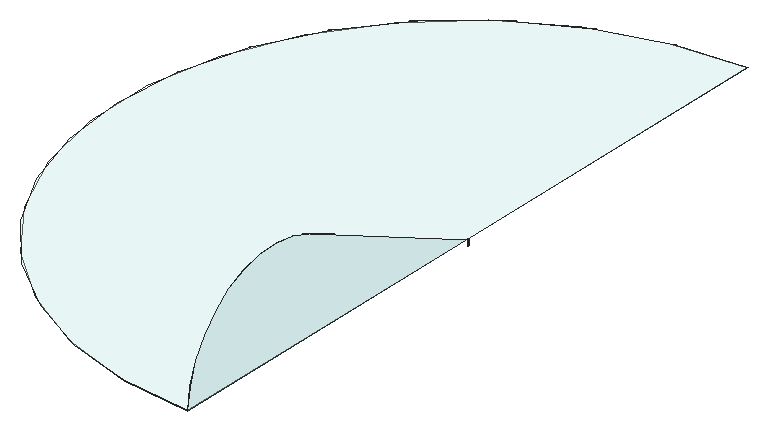
Revit family "Rotor Falvon 6504 Series - I6504FC", category Acessórios do tubo, Revit 2020
Family settings
  Cota do conector redondo = Utilizar diâmetro
  Tipo de parte = Normal
  Número OmniClass = 23.60.30.11.14
  Título OmniClass = Pipework Fittings
  Com base no plano de trabalho = Não
  Sempre na vertical = Sim
  Corte com vazios quando carregada = Não
  Compartilhado = Não
Parameters (values of type "Nozzle 18")
  Water = Water
  URL = "https://www.rainbird.com/"
  TABLE 90 = "TABLE 90psi"
  TABLE 80 = "TABLE 80psi"
  TABLE 70 = "TABLE 70psi"
  TABLE 60 = "TABLE 60psi"
  TABLE 50 = "TABLE 50psi"
  TABLE 40 = "TABLE 40psi"
  TABLE 30 = "TABLE 30psi"
  SupportProjetos: Reviw Date = ""  # constant formula
  SupportProjetos: Reviw = "R00"  # constant formula
  SupportProjetos: Level of Detail = "LOD 300"  # constant formula
  SupportProjetos: Developed = "MICHEL SOARES MOTA"  # constant formula
  SupportProjetos: Creation Date = "07/08/2020"  # constant formula
  Side inlet = no
  Rotation Water Visibility [instance] = Pop up on  # yes
  Rotation Angle [instance] = 180.00°
  RainBird: Product Link = "https://www.rainbird.com/"
  RainBird: Description = "FALCON I6504-FC Rotor "  # constant formula
  RainBird: Comment [instance] = ""
  RainBird: Code = "B65311"  # constant formula
  Radius [instance] = if(and(Pressure = 30.0 psi, Instance < 3 ft), size_lookup(TABLE 30, "Radius", 0 ft, Instance), if(and(Pressure = 40.0 psi, Instance < 9 ft), size_lookup(TABLE 40, "Radius", 0 ft, Instance), if(and(Pressure = 50.0 psi, Instance < 9 ft), size_lookup(TABLE 50, "Radius", 0 ft, Instance), if(and(Pressure = 60.0 psi, Instance < 9 ft), size_lookup(TABLE 60, "Radius", 0 ft, Instance), if(and(Pressure = 70.0 psi, Instance < 9 ft), size_lookup(TABLE 70, "Radius", 0 ft, Instance), if(and(Pressure = 80.0 psi, Instance < 9 ft), size_lookup(TABLE 80, "Radius", 0 ft, Instance), if(and(Pressure = 90.0 psi, Instance > 7 ft), size_lookup(TABLE 90, "Radius", 600 ft, Instance), 0 ft)))))))  # 63 ft
  RT = 0.009893 ft
  RN = 0.032808 ft
  R5 = 0.03937 ft
  R4 = 0.04101 ft
  R3 = 0.065617 ft
  R2 = 0.075407 ft
  R1 = 0.032808 ft
  Pressure [instance] = 60.0 psi
  Pop up height = 0.334646 ft
  Pop up on [instance] = yes
  Modelo = "I6504-FC"  # constant formula
  Instance = 8 ft
  H1 = Body height / 3  # 0.236333 ft
  Flow [instance] = if(and(Pressure = 30.0 psi, Instance < 3 ft), size_lookup(TABLE 30, "Flow", 0.0 GPM, Instance), if(and(Pressure = 40.0 psi, Instance < 9 ft), size_lookup(TABLE 40, "Flow", 0.0 GPM, Instance), if(and(Pressure = 50.0 psi, Instance < 9 ft), size_lookup(TABLE 50, "Flow", 0.0 GPM, Instance), if(and(Pressure = 60.0 psi, Instance < 9 ft), size_lookup(TABLE 60, "Flow", 0.0 GPM, Instance), if(and(Pressure = 70.0 psi, Instance < 9 ft), size_lookup(TABLE 70, "Flow", 0.0 GPM, Instance), if(and(Pressure = 80.0 psi, Instance < 9 ft), size_lookup(TABLE 80, "Flow", 0.0 GPM, Instance), if(and(Pressure = 90.0 psi, Instance > 7 ft), size_lookup(TABLE 90, "Flow", 0.0 GPM, Instance), 0.0 GPM)))))))  # 17.1 GPM
  Fabricante = "Rain Bird"
  Elevação padrão = 0 ft
  Description = RainBird: Description  # "FALCON I6504-FC Rotor "
  DD13 = 0.002625 ft
  DD12 = 0.003937 ft
  DD11 = 0.009897 ft
  DD10 = 0.016404 ft
  DD8 [instance] = if(Pop up on, Pop up height, 0 ft)  # 0.334646 ft
  DD7 = 0.019685 ft
  DD6 [instance] = 0.016404 ft
  DD5 = 0.065617 ft
  DD4 = 0.032808 ft
  DD3 = 0.091048 ft
  DD2 [instance] = 0.024514 ft
  DD9 [instance] = if(Pop up on, Pop up height + 0.049541 ft, 0 ft)  # 0.384186 ft
  DD1 = 0.006562 ft
  Conection = 0.062664 ft  # constant formula
  Body height = 0.709 ft  # constant formula
  Blue = Blue Plastic
  Black Plastic = Black Plastic
  Angle = 25.00°
Types (9, lengths in ft): name | Radius | Pressure | Instance | Flow
  (no name) | 63 | 60.0 psi | 8 | 17.1 GPM
  Nozzle 4 | 43 | 80.0 psi | 1 | 4.6 GPM
  Nozzle 6 | 49 | 80.0 psi | 2 | 4.9 GPM
  Nozzle 8 | 53 | 80.0 psi | 3 | 9.4 GPM
  Nozzle 10 | 55 | 80.0 psi | 4 | 11.6 GPM
  Nozzle 12 | 61 | 80.0 psi | 5 | 14.0 GPM
  Tipo 14 | 61 | 80.0 psi | 6 | 16.2 GPM
  Nozzle 16 | 63 | 80.0 psi | 7 | 18.1 GPM
  Nozzle 18 | 63 | 60.0 psi | 8 | 17.1 GPM
Reference planes (ft)
  plane 1 "Centro (Frente/Trás)": y = 0
  plane 2: z = 0
  plane 3 "Centro (Esquerda/Direita)": x = 0
  plane 4: z = 0.003937
  plane 5: z = 0.002625
  plane 6: y = -0.065617
Forms (ft)
  Revolve 1, solid, material "Black Plastic" <- "Black Plastic"
    sketch origin (0, 0, 0) x (1, 0, 0) y (0, 0, 1)
      loop
        line (0.075407, -0.091048) -> (0.075407, -0.035324)
        arc (0.075407, -0.035324) -> (0.072509, -0.028329) -> (0.065514, -0.025431) r 0.009893
        line (0.065514, -0.025431) -> (0.046098, -0.025431) -> (0.046098, 0) -> (0.03937, 0) -> (0.03937, -0.334646) -> (0.019685, -0.334646) -> (0.019685, -0.702438) -> (0.032808, -0.702438) -> (0.032808, -0.709) -> (0.04101, -0.709) -> (0.04101, -0.702438) -> (0.055724, -0.702438)
        arc (0.055724, -0.702438) -> (0.062719, -0.699541) -> (0.065617, -0.692545) r 0.009893
        line (0.065617, -0.692545) -> (0.065617, -0.091048) -> (0.075407, -0.091048)
      axis (0, -0.709) -> (0, 0)
    angle from 0 to 360
  Extrusion 2, solid, material "Black Plastic" <- "Black Plastic"
    sketch origin (0, 0, 0) x (1, 0, 0) y (0, 1, 0)
      loop
        circle (0, 0) r 0.032808
    from -0.334646 to 0.334646
  Extrusion 3, void
    sketch origin (0, 0, 0) x (1, 0, 0) y (0, 1, 0)
      loop
        circle (0, 0) r 0.022844
    from -0.334646 to 0.334646
  Revolve 4, solid, material "Black Plastic" <- "Black Plastic"
    sketch origin (0, 0, 0) x (1, 0, 0) y (0, 0, 1)
      loop
        line (0, 0.334646) -> (0.037004, 0.334646) -> (0.037004, 0.344543)
        arc (0.037004, 0.344543) -> (0.01879, 0.349436) -> (0, 0.35105) r 0.10685
        line (0, 0.35105) -> (0, 0.334646)
      axis (0, 0.334646) -> (0, 0.35105)
    angle from 0 to 360
  Extrusion 5, solid, material "Blue Plastic" <- "Blue"
    sketch origin (0, 0, 0) x (1, 0, 0) y (0, 0, 1)
      loop
        circle (0, 0.310131) r 0.009129
      loop
        circle (0, 0.310131) r 0.004793
    from 0 to 0.034386
  Extrusion 6, void
    sketch origin (0, 0, 0) x (1, 0, 0) y (0, 0, 1)
      loop
        line (-0.02074, 0.328055) -> (-0.02074, 0.282426) -> (0.020672, 0.282426) -> (0.020672, 0.328055) -> (-0.02074, 0.328055)
      loop
        line (-0.018439, 0.325179) -> (-0.018439, 0.285685) -> (0.018179, 0.285685) -> (0.018179, 0.325179) -> (-0.018439, 0.325179)
    from 0.024556 to 0.06931
  Extrusion 7, solid, material "Black Plastic" <- "Black Plastic"
    sketch origin (0, 0, 0) x (1, 0, 0) y (0, 0, 1)
      loop
        line (0.046098, 0) -> (0.046098, -0.036876) -> (0.073493, -0.036876) -> (0.046098, 0)
    from -0.002998 to 0.002998
  Extrusion 8, solid, material "Black Plastic" <- "Black Plastic"
    sketch origin (0, 0, 0) x (-1, 0, 0) y (0, 0, -1)
      loop
        line (0.046098, 0) -> (0.073493, 0.036876) -> (0.046098, 0.036876) -> (0.046098, 0)
    from -0.002998 to 0.002998
  Extrusion 9, solid, material "Black Plastic" <- "Black Plastic"
    sketch origin (0, 0, 0) x (0.866025, 0.5, 0) y (0, 0, 1)
      loop
        line (0.046098, 0) -> (0.046098, -0.036876) -> (0.073493, -0.036876) -> (0.046098, 0)
    from -0.002998 to 0.002998
  Extrusion 10, solid, material "Black Plastic" <- "Black Plastic"
    sketch origin (0, 0, 0) x (-0.866025, -0.5, 0) y (0, 0, -1)
      loop
        line (0.046098, 0) -> (0.073493, 0.036876) -> (0.046098, 0.036876) -> (0.046098, 0)
    from -0.002998 to 0.002998
  Extrusion 11, solid, material "Black Plastic" <- "Black Plastic"
    sketch origin (0, 0, 0) x (0, 1, 0) y (0, 0, 1)
      loop
        line (0.046098, 0) -> (0.046098, -0.036876) -> (0.073493, -0.036876) -> (0.046098, 0)
    from -0.002998 to 0.002998
  Extrusion 12, solid, material "Black Plastic" <- "Black Plastic"
    sketch origin (0, 0, 0) x (0, -1, 0) y (0, 0, -1)
      loop
        line (0.046098, 0) -> (0.073493, 0.036876) -> (0.046098, 0.036876) -> (0.046098, 0)
    from -0.002998 to 0.002998
  Extrusion 13, solid, material "Black Plastic" <- "Black Plastic"
    sketch origin (0, 0, 0) x (0.5, 0.866025, 0) y (0, 0, 1)
      loop
        line (0.046098, 0) -> (0.046098, -0.036876) -> (0.073493, -0.036876) -> (0.046098, 0)
    from -0.002998 to 0.002998
  Extrusion 14, solid, material "Black Plastic" <- "Black Plastic"
    sketch origin (0, 0, 0) x (-0.5, -0.866025, 0) y (0, 0, -1)
      loop
        line (0.046098, 0) -> (0.073493, 0.036876) -> (0.046098, 0.036876) -> (0.046098, 0)
    from -0.002998 to 0.002998
  Extrusion 15, solid, material "Black Plastic" <- "Black Plastic"
    sketch origin (0, 0, 0) x (-0.5, 0.866025, 0) y (0, 0, 1)
      loop
        line (0.046098, 0) -> (0.046098, -0.036876) -> (0.073493, -0.036876) -> (0.046098, 0)
    from -0.002998 to 0.002998
  Extrusion 16, solid, material "Black Plastic" <- "Black Plastic"
    sketch origin (0, 0, 0) x (0.5, -0.866025, 0) y (0, 0, -1)
      loop
        line (0.046098, 0) -> (0.073493, 0.036876) -> (0.046098, 0.036876) -> (0.046098, 0)
    from -0.002998 to 0.002998
  Extrusion 17, solid, material "Black Plastic" <- "Black Plastic"
    sketch origin (0, 0, 0) x (-0.866025, 0.5, 0) y (0, 0, 1)
      loop
        line (0.046098, 0) -> (0.046098, -0.036876) -> (0.073493, -0.036876) -> (0.046098, 0)
    from -0.002998 to 0.002998
  Extrusion 18, solid, material "Black Plastic" <- "Black Plastic"
    sketch origin (0, 0, 0) x (0.866025, -0.5, 0) y (0, 0, -1)
      loop
        line (0.046098, 0) -> (0.073493, 0.036876) -> (0.046098, 0.036876) -> (0.046098, 0)
    from -0.002998 to 0.002998
  Extrusion 19, void
    sketch origin (0, 0, 0) x (1, 0, 0) y (0, 1, 0)
      loop
        line (-0.002998, 0.077702) -> (-0.002998, 0.071655) -> (0.002998, 0.071655) -> (0.002998, 0.077702) -> (-0.002998, 0.077702)
    from -0.091048 to 0.82021
  Extrusion 20, void
    sketch origin (0, 0, 0) x (1, 0, 0) y (0, 1, 0)
      loop
        line (0.002998, -0.077702) -> (0.002998, -0.071655) -> (-0.002998, -0.071655) -> (-0.002998, -0.077702) -> (0.002998, -0.077702)
    from -0.091048 to 0.82021
  Extrusion 21, void
    sketch origin (0, 0, 0) x (0.965926, 0.258819, 0) y (-0.258819, 0.965926, 0)
      loop
        line (-0.002998, 0.077702) -> (-0.002998, 0.071655) -> (0.002998, 0.071655) -> (0.002998, 0.077702) -> (-0.002998, 0.077702)
    from -0.091048 to 0.82021
  Extrusion 22, void
    sketch origin (0, 0, 0) x (0.965926, 0.258819, 0) y (-0.258819, 0.965926, 0)
      loop
        line (0.002998, -0.077702) -> (0.002998, -0.071655) -> (-0.002998, -0.071655) -> (-0.002998, -0.077702) -> (0.002998, -0.077702)
    from -0.091048 to 0.82021
  Extrusion 23, void
    sketch origin (0, 0, 0) x (0.866025, 0.5, 0) y (-0.5, 0.866025, 0)
      loop
        line (-0.002998, 0.077702) -> (-0.002998, 0.071655) -> (0.002998, 0.071655) -> (0.002998, 0.077702) -> (-0.002998, 0.077702)
    from -0.091048 to 0.82021
  Extrusion 24, void
    sketch origin (0, 0, 0) x (0.866025, 0.5, 0) y (-0.5, 0.866025, 0)
      loop
        line (0.002998, -0.077702) -> (0.002998, -0.071655) -> (-0.002998, -0.071655) -> (-0.002998, -0.077702) -> (0.002998, -0.077702)
    from -0.091048 to 0.82021
  Extrusion 25, void
    sketch origin (0, 0, 0) x (0.5, 0.866025, 0) y (-0.866025, 0.5, 0)
      loop
        line (-0.002998, 0.077702) -> (-0.002998, 0.071655) -> (0.002998, 0.071655) -> (0.002998, 0.077702) -> (-0.002998, 0.077702)
    from -0.091048 to 0.82021
  Extrusion 26, void
    sketch origin (0, 0, 0) x (0.5, 0.866025, 0) y (-0.866025, 0.5, 0)
      loop
        line (0.002998, -0.077702) -> (0.002998, -0.071655) -> (-0.002998, -0.071655) -> (-0.002998, -0.077702) -> (0.002998, -0.077702)
    from -0.091048 to 0.82021
  Extrusion 27, void
    sketch origin (0, 0, 0) x (0.707107, 0.707107, 0) y (-0.707107, 0.707107, 0)
      loop
        line (-0.002998, 0.077702) -> (-0.002998, 0.071655) -> (0.002998, 0.071655) -> (0.002998, 0.077702) -> (-0.002998, 0.077702)
    from -0.091048 to 0.82021
  Extrusion 28, void
    sketch origin (0, 0, 0) x (0.707107, 0.707107, 0) y (-0.707107, 0.707107, 0)
      loop
        line (0.002998, -0.077702) -> (0.002998, -0.071655) -> (-0.002998, -0.071655) -> (-0.002998, -0.077702) -> (0.002998, -0.077702)
    from -0.091048 to 0.82021
  Extrusion 29, void
    sketch origin (0, 0, 0) x (0.258819, 0.965926, 0) y (-0.965926, 0.258819, 0)
      loop
        line (-0.002998, 0.077702) -> (-0.002998, 0.071655) -> (0.002998, 0.071655) -> (0.002998, 0.077702) -> (-0.002998, 0.077702)
    from -0.091048 to 0.82021
  Extrusion 30, void
    sketch origin (0, 0, 0) x (0.258819, 0.965926, 0) y (-0.965926, 0.258819, 0)
      loop
        line (0.002998, -0.077702) -> (0.002998, -0.071655) -> (-0.002998, -0.071655) -> (-0.002998, -0.077702) -> (0.002998, -0.077702)
    from -0.091048 to 0.82021
  Extrusion 31, void
    sketch origin (0, 0, 0) x (0, 1, 0) y (-1, 0, 0)
      loop
        line (-0.002998, 0.077702) -> (-0.002998, 0.071655) -> (0.002998, 0.071655) -> (0.002998, 0.077702) -> (-0.002998, 0.077702)
    from -0.091048 to 0.82021
  Extrusion 32, void
    sketch origin (0, 0, 0) x (0, 1, 0) y (-1, 0, 0)
      loop
        line (0.002998, -0.077702) -> (0.002998, -0.071655) -> (-0.002998, -0.071655) -> (-0.002998, -0.077702) -> (0.002998, -0.077702)
    from -0.091048 to 0.82021
  Extrusion 33, void
    sketch origin (0, 0, 0) x (-0.258819, 0.965926, 0) y (-0.965926, -0.258819, 0)
      loop
        line (-0.002998, 0.077702) -> (-0.002998, 0.071655) -> (0.002998, 0.071655) -> (0.002998, 0.077702) -> (-0.002998, 0.077702)
    from -0.091048 to 0.82021
  Extrusion 34, void
    sketch origin (0, 0, 0) x (-0.258819, 0.965926, 0) y (-0.965926, -0.258819, 0)
      loop
        line (0.002998, -0.077702) -> (0.002998, -0.071655) -> (-0.002998, -0.071655) -> (-0.002998, -0.077702) -> (0.002998, -0.077702)
    from -0.091048 to 0.82021
  Extrusion 35, void
    sketch origin (0, 0, 0) x (-0.5, 0.866025, 0) y (-0.866025, -0.5, 0)
      loop
        line (-0.002998, 0.077702) -> (-0.002998, 0.071655) -> (0.002998, 0.071655) -> (0.002998, 0.077702) -> (-0.002998, 0.077702)
    from -0.091048 to 0.82021
  Extrusion 36, void
    sketch origin (0, 0, 0) x (-0.5, 0.866025, 0) y (-0.866025, -0.5, 0)
      loop
        line (0.002998, -0.077702) -> (0.002998, -0.071655) -> (-0.002998, -0.071655) -> (-0.002998, -0.077702) -> (0.002998, -0.077702)
    from -0.091048 to 0.82021
  Extrusion 37, void
    sketch origin (0, 0, 0) x (-0.707107, 0.707107, 0) y (-0.707107, -0.707107, 0)
      loop
        line (-0.002998, 0.077702) -> (-0.002998, 0.071655) -> (0.002998, 0.071655) -> (0.002998, 0.077702) -> (-0.002998, 0.077702)
    from -0.091048 to 0.82021
  Extrusion 38, void
    sketch origin (0, 0, 0) x (-0.707107, 0.707107, 0) y (-0.707107, -0.707107, 0)
      loop
        line (0.002998, -0.077702) -> (0.002998, -0.071655) -> (-0.002998, -0.071655) -> (-0.002998, -0.077702) -> (0.002998, -0.077702)
    from -0.091048 to 0.82021
  Extrusion 39, void
    sketch origin (0, 0, 0) x (-0.866025, 0.5, 0) y (-0.5, -0.866025, 0)
      loop
        line (-0.002998, 0.077702) -> (-0.002998, 0.071655) -> (0.002998, 0.071655) -> (0.002998, 0.077702) -> (-0.002998, 0.077702)
    from -0.091048 to 0.82021
  Extrusion 40, void
    sketch origin (0, 0, 0) x (-0.866025, 0.5, 0) y (-0.5, -0.866025, 0)
      loop
        line (0.002998, -0.077702) -> (0.002998, -0.071655) -> (-0.002998, -0.071655) -> (-0.002998, -0.077702) -> (0.002998, -0.077702)
    from -0.091048 to 0.82021
  Extrusion 41, void
    sketch origin (0, 0, 0) x (-0.965926, 0.258819, 0) y (-0.258819, -0.965926, 0)
      loop
        line (-0.002998, 0.077702) -> (-0.002998, 0.071655) -> (0.002998, 0.071655) -> (0.002998, 0.077702) -> (-0.002998, 0.077702)
    from -0.091048 to 0.82021
  Extrusion 42, void
    sketch origin (0, 0, 0) x (-0.965926, 0.258819, 0) y (-0.258819, -0.965926, 0)
      loop
        line (0.002998, -0.077702) -> (0.002998, -0.071655) -> (-0.002998, -0.071655) -> (-0.002998, -0.077702) -> (0.002998, -0.077702)
    from -0.091048 to 0.82021
  Extrusion 43, solid, material "Water" <- "Water", visible <- "Rotation Water Visibility"
    sketch origin (0, 0, 0) x (0, 1, 0) y (0, 0, 1)
      loop
        line (-0.032808, 0.310131) -> (-35.615202, 16.902474)
        arc (-35.615202, 16.902474) -> (-53.751991, 15.923219) -> (-63.032808, 0.310131) r 19.287003
        line (-63.032808, 0.310131) -> (-0.032808, 0.310131)
    from -0.008202 to 0.008202
Cuts and joins
  Extrusion 3, Extrusion 6 cuts Extrusion 2
  Extrusion 19, Extrusion 20, Extrusion 21, Extrusion 22, Extrusion 23, Extrusion 24, Extrusion 25, Extrusion 26, Extrusion 27, Extrusion 28, Extrusion 29, Extrusion 30, Extrusion 31, Extrusion 32, Extrusion 33, Extrusion 34, Extrusion 35, Extrusion 36, Extrusion 37, Extrusion 38, Extrusion 39, Extrusion 40, Extrusion 41, Extrusion 42 cuts Revolve 1
Dimensions and locks (ft)
  "Body height": level to Revolve 1 sketch curve
  "R2": Revolve 1 sketch curve to plane 3 "Centro (Esquerda/Direita)"
  "DD1": Revolve 1 sketch curve to Revolve 1 sketch curve
  "DD3": level to Revolve 1 sketch curve
  Revolve 1 sketch curve to plane 3 "Centro (Esquerda/Direita)" = 0.065617 ft
  "R4": Revolve 1 sketch curve to plane 3 "Centro (Esquerda/Direita)"
  "RN": Revolve 1 sketch curve to plane 3 "Centro (Esquerda/Direita)"
  "Pop up height": level to Revolve 1 sketch curve
  "R5": plane 3 "Centro (Esquerda/Direita)" to Revolve 1 sketch curve
  "DD7": Revolve 1 sketch curve to plane 3 "Centro (Esquerda/Direita)"
  "DD8": Extrusion 2 to level
  "DD12": plane 4 to level
  "DD13": plane 5 to level
  "R3": plane 6 to plane 1 "Centro (Frente/Trás)"
  "DD5": Revolve 1 sketch curve to Revolve 1 sketch curve
  "DD10": Revolve 4 sketch curve to Revolve 4 sketch curve
  "DD11": Revolve 4 sketch curve to Revolve 4 sketch curve
  "DD2": Revolve 4 to Extrusion 5 sketch curve  (x2)
  Extrusion 7 to plane 3 "Centro (Esquerda/Direita)" = 0.046098 ft
  equal spacing: Extrusion 7, plane 1 "Centro (Frente/Trás)", Extrusion 7
  Extrusion 8 to Extrusion 8 = 0.005995 ft
  Extrusion 9 to Extrusion 9 = 0.005995 ft
  Extrusion 20 sketch curve to Extrusion 20 sketch curve = 0.005995 ft
  Extrusion 22 sketch curve to Extrusion 22 sketch curve = 0.005995 ft
  Extrusion 24 sketch curve to Extrusion 24 sketch curve = 0.005995 ft
  Extrusion 26 sketch curve to Extrusion 26 sketch curve = 0.005995 ft
  Extrusion 28 sketch curve to Extrusion 28 sketch curve = 0.005995 ft
  Extrusion 30 sketch curve to Extrusion 30 sketch curve = 0.005995 ft
  Extrusion 32 sketch curve to Extrusion 32 sketch curve = 0.005995 ft
  Extrusion 34 sketch curve to Extrusion 34 sketch curve = 0.005995 ft
  Extrusion 36 sketch curve to Extrusion 36 sketch curve = 0.005995 ft
  Extrusion 38 sketch curve to Extrusion 38 sketch curve = 0.005995 ft
  Extrusion 40 sketch curve to Extrusion 40 sketch curve = 0.005995 ft
  Extrusion 42 sketch curve to Extrusion 42 sketch curve = 0.005995 ft
  "DD4": plane 1 "Centro (Frente/Trás)" to Extrusion 43 sketch curve
  "DD2": Revolve 4 to Extrusion 43 sketch curve
  "Radius": Extrusion 43 sketch curve to Extrusion 43 sketch curve
  equal spacing: Extrusion 43, plane 3 "Centro (Esquerda/Direita)", Extrusion 43
  "DD6": Extrusion 43 to Extrusion 43
  "DD2": Revolve 4 to nested 1
  "RT": radius of Revolve 1 sketch curve  (x2)
  "R1": radius of Extrusion 2 sketch curve
  "Angle": angle Extrusion 43 sketch curve to Extrusion 43 sketch curve
  aligned and locked: level to plane 2
  aligned and locked: Revolve 1 sketch curve to Revolve 1 sketch curve
  aligned and locked: Extrusion 2 to Revolve 1
  aligned and locked: cut or joined group of Extrusion 2, Extrusion 3, Extrusion 6 to cut or joined group of Extrusion 2, Extrusion 3, Extrusion 6  (x2)
  aligned and locked: Revolve 4 sketch curve to cut or joined group of Extrusion 2, Extrusion 3, Extrusion 6
  aligned and locked: Extrusion 20 to Revolve 1
  aligned and locked: Extrusion 22 to Revolve 1
  aligned and locked: Extrusion 24 to Revolve 1
  aligned and locked: Extrusion 28 to Revolve 1
  aligned and locked: Extrusion 26 to Revolve 1
  aligned and locked: Extrusion 30 to Revolve 1
  aligned and locked: Extrusion 32 to Revolve 1
  aligned and locked: Extrusion 34 to Revolve 1
  aligned and locked: Revolve 1 to Extrusion 36
  aligned and locked: Revolve 1 to Extrusion 38
  aligned and locked: Extrusion 41 to Revolve 1
  aligned and locked: Extrusion 39 to Revolve 1
  aligned and locked: Extrusion 37 to Revolve 1
  aligned and locked: Extrusion 35 to Revolve 1
  aligned and locked: Extrusion 33 to Revolve 1
  aligned and locked: Extrusion 31 to Revolve 1
  aligned and locked: Extrusion 29 to Revolve 1
  aligned and locked: Revolve 1 to Extrusion 25
  aligned and locked: Revolve 1 to Extrusion 27
  aligned and locked: Revolve 1 to Extrusion 19
  aligned and locked: Revolve 1 to Extrusion 21
  aligned and locked: Revolve 1 to Extrusion 42
  aligned and locked: Revolve 1 to Extrusion 40
  aligned and locked: Revolve 1 to Extrusion 23
Automatic sketch dimensions
  plane 1 "Centro (Frente/Trás)" to Extrusion 2 sketch curve = 0 ft
  Extrusion 2 sketch curve to plane 3 "Centro (Esquerda/Direita)" = 0 ft
  plane 1 "Centro (Frente/Trás)" to Extrusion 3 sketch curve = 0 ft
  Extrusion 3 sketch curve to plane 3 "Centro (Esquerda/Direita)" = 0 ft
  Revolve 4 sketch curve to plane 3 "Centro (Esquerda/Direita)" = 0 ft  (x2)
  plane 3 "Centro (Esquerda/Direita)" to Revolve 4 sketch curve = 0.000284 ft
  plane 3 "Centro (Esquerda/Direita)" to Revolve 4 sketch curve = 0.037004 ft
  Revolve 4 sketch curve to Revolve 4 sketch curve = 0.015719 ft
  Revolve 4 sketch curve to Revolve 4 sketch curve = 0.114829 ft
  Extrusion 5 sketch curve to Extrusion 5 sketch curve = 0 ft
  Extrusion 5 sketch curve to plane 3 "Centro (Esquerda/Direita)" = 0 ft
  Extrusion 6 sketch curve to plane 3 "Centro (Esquerda/Direita)" = 0.02074 ft
  Extrusion 6 sketch curve to Extrusion 6 sketch curve = 0.002301 ft
  plane 3 "Centro (Esquerda/Direita)" to Extrusion 6 sketch curve = 0.018179 ft
  Extrusion 6 sketch curve to Extrusion 6 sketch curve = 0.002492 ft
  plane 4 to Extrusion 6 sketch curve = 0.278489 ft
  Extrusion 6 sketch curve to Extrusion 6 sketch curve = 0.003259 ft
  Extrusion 6 sketch curve to Extrusion 6 sketch curve = 0.039494 ft
  Extrusion 6 sketch curve to Extrusion 6 sketch curve = 0.002876 ft
  Extrusion 7 sketch curve to level = 0 ft
  plane 3 "Centro (Esquerda/Direita)" to Extrusion 7 sketch curve = 0.046098 ft
  Extrusion 7 sketch curve to Extrusion 7 sketch curve = 0.027396 ft
  Extrusion 7 sketch curve to Extrusion 7 sketch curve = 0.036876 ft
  Extrusion 8 sketch curve to level = 0 ft
  plane 3 "Centro (Esquerda/Direita)" to Extrusion 8 sketch curve = 0.046098 ft
  Extrusion 8 sketch curve to Extrusion 8 sketch curve = 0.027396 ft
  Extrusion 8 sketch curve to Extrusion 8 sketch curve = 0.036876 ft
  Extrusion 9 sketch curve to level = 0 ft
  Extrusion 9 sketch curve to level = 0.036876 ft
  Extrusion 9 sketch curve to Extrusion 9 sketch curve = 0.027396 ft
  Extrusion 10 sketch curve to level = 0 ft
  Extrusion 10 sketch curve to level = 0.036876 ft
  Extrusion 10 sketch curve to Extrusion 10 sketch curve = 0.027396 ft
  Extrusion 11 sketch curve to level = 0 ft
  Extrusion 11 sketch curve to plane 1 "Centro (Frente/Trás)" = 0.046098 ft
  Extrusion 11 sketch curve to Extrusion 11 sketch curve = 0.027396 ft
  Extrusion 11 sketch curve to Extrusion 11 sketch curve = 0.036876 ft
  Extrusion 12 sketch curve to level = 0 ft
  plane 6 to Extrusion 12 sketch curve = 0.019519 ft
  Extrusion 12 sketch curve to plane 6 = 0.007877 ft
  Extrusion 12 sketch curve to level = 0.036876 ft
  Extrusion 13 sketch curve to level = 0 ft
  Extrusion 13 sketch curve to level = 0.036876 ft
  Extrusion 13 sketch curve to Extrusion 13 sketch curve = 0.027396 ft
  Extrusion 14 sketch curve to level = 0 ft
  Extrusion 14 sketch curve to level = 0.036876 ft
  Extrusion 14 sketch curve to Extrusion 14 sketch curve = 0.027396 ft
  level to Extrusion 15 sketch curve = 0 ft
  Extrusion 15 sketch curve to level = 0.036876 ft
  Extrusion 15 sketch curve to Extrusion 15 sketch curve = 0.027396 ft
  level to Extrusion 16 sketch curve = 0 ft
  Extrusion 16 sketch curve to level = 0.036876 ft
  Extrusion 16 sketch curve to Extrusion 16 sketch curve = 0.027396 ft
  level to Extrusion 17 sketch curve = 0 ft
  Extrusion 17 sketch curve to level = 0.036876 ft
  Extrusion 17 sketch curve to Extrusion 17 sketch curve = 0.027396 ft
  level to Extrusion 18 sketch curve = 0 ft
  Extrusion 18 sketch curve to level = 0.036876 ft
  Extrusion 18 sketch curve to Extrusion 18 sketch curve = 0.027396 ft
  Extrusion 19 sketch curve to plane 3 "Centro (Esquerda/Direita)" = 0.002998 ft
  Extrusion 19 sketch curve to plane 1 "Centro (Frente/Trás)" = 0.071655 ft
  Extrusion 19 sketch curve to Extrusion 19 sketch curve = 0.006047 ft
  plane 3 "Centro (Esquerda/Direita)" to Extrusion 20 sketch curve = 0.002998 ft
  plane 6 to Extrusion 20 sketch curve = 0.006038 ft
  Extrusion 20 sketch curve to Extrusion 20 sketch curve = 0.006047 ft
  plane 3 "Centro (Esquerda/Direita)" to Extrusion 19 sketch curve = 0.002998 ft
  Extrusion 21 sketch curve to plane 3 "Centro (Esquerda/Direita)" = 0.021441 ft
  Extrusion 21 sketch curve to plane 1 "Centro (Frente/Trás)" = 0.068438 ft
  Extrusion 21 sketch curve to Extrusion 21 sketch curve = 0.005995 ft
  Extrusion 21 sketch curve to Extrusion 21 sketch curve = 0.006047 ft
  Extrusion 22 sketch curve to plane 6 = 0.010213 ft
  plane 3 "Centro (Esquerda/Direita)" to Extrusion 22 sketch curve = 0.017215 ft
  Extrusion 22 sketch curve to Extrusion 22 sketch curve = 0.006047 ft
  Extrusion 23 sketch curve to plane 3 "Centro (Esquerda/Direita)" = 0.038424 ft
  Extrusion 23 sketch curve to plane 1 "Centro (Frente/Trás)" = 0.060556 ft
  Extrusion 23 sketch curve to Extrusion 23 sketch curve = 0.005995 ft
  Extrusion 23 sketch curve to Extrusion 23 sketch curve = 0.006047 ft
  Extrusion 24 sketch curve to plane 6 = 0.003174 ft
  plane 3 "Centro (Esquerda/Direita)" to Extrusion 24 sketch curve = 0.036255 ft
  Extrusion 24 sketch curve to Extrusion 24 sketch curve = 0.006047 ft
  Extrusion 25 sketch curve to plane 1 "Centro (Frente/Trás)" = 0.033231 ft
  Extrusion 25 sketch curve to plane 3 "Centro (Esquerda/Direita)" = 0.063554 ft
  Extrusion 25 sketch curve to Extrusion 25 sketch curve = 0.005995 ft
  Extrusion 25 sketch curve to Extrusion 25 sketch curve = 0.006047 ft
  Extrusion 26 sketch curve to plane 6 = 0.02417 ft
  Extrusion 26 sketch curve to plane 3 "Centro (Esquerda/Direita)" = 0.065793 ft
  Extrusion 26 sketch curve to Extrusion 26 sketch curve = 0.006047 ft
  Extrusion 27 sketch curve to plane 1 "Centro (Frente/Trás)" = 0.048548 ft
  Extrusion 27 sketch curve to plane 3 "Centro (Esquerda/Direita)" = 0.052787 ft
  Extrusion 27 sketch curve to Extrusion 27 sketch curve = 0.005995 ft
  Extrusion 27 sketch curve to Extrusion 27 sketch curve = 0.006047 ft
  plane 6 to Extrusion 28 sketch curve = 0.008554 ft
  plane 3 "Centro (Esquerda/Direita)" to Extrusion 28 sketch curve = 0.052824 ft
  Extrusion 28 sketch curve to Extrusion 28 sketch curve = 0.006047 ft
  Extrusion 29 sketch curve to plane 1 "Centro (Frente/Trás)" = 0.01565 ft
  Extrusion 29 sketch curve to plane 3 "Centro (Esquerda/Direita)" = 0.069989 ft
  Extrusion 29 sketch curve to Extrusion 29 sketch curve = 0.005995 ft
  Extrusion 29 sketch curve to Extrusion 29 sketch curve = 0.006047 ft
  plane 1 "Centro (Frente/Trás)" to Extrusion 30 sketch curve = 0.023006 ft
  plane 3 "Centro (Esquerda/Direita)" to Extrusion 30 sketch curve = 0.074278 ft
  Extrusion 30 sketch curve to Extrusion 30 sketch curve = 0.006047 ft
  plane 1 "Centro (Frente/Trás)" to Extrusion 31 sketch curve = 0.002998 ft
  Extrusion 31 sketch curve to plane 1 "Centro (Frente/Trás)" = 0.002998 ft
  Extrusion 31 sketch curve to plane 3 "Centro (Esquerda/Direita)" = 0.071655 ft
  Extrusion 31 sketch curve to Extrusion 31 sketch curve = 0.006047 ft
  plane 1 "Centro (Frente/Trás)" to Extrusion 32 sketch curve = 0.002998 ft
  plane 3 "Centro (Esquerda/Direita)" to Extrusion 32 sketch curve = 0.077702 ft
  Extrusion 32 sketch curve to Extrusion 32 sketch curve = 0.006047 ft
  plane 1 "Centro (Frente/Trás)" to Extrusion 33 sketch curve = 0.021441 ft
  Extrusion 33 sketch curve to plane 3 "Centro (Esquerda/Direita)" = 0.068438 ft
  Extrusion 33 sketch curve to Extrusion 33 sketch curve = 0.005995 ft
  Extrusion 33 sketch curve to Extrusion 33 sketch curve = 0.006047 ft
  Extrusion 34 sketch curve to plane 1 "Centro (Frente/Trás)" = 0.017215 ft
  plane 3 "Centro (Esquerda/Direita)" to Extrusion 34 sketch curve = 0.07583 ft
  Extrusion 34 sketch curve to Extrusion 34 sketch curve = 0.006047 ft
  plane 6 to Extrusion 35 sketch curve = 0.027193 ft
  Extrusion 35 sketch curve to plane 3 "Centro (Esquerda/Direita)" = 0.060556 ft
  Extrusion 35 sketch curve to Extrusion 35 sketch curve = 0.005995 ft
  Extrusion 35 sketch curve to Extrusion 35 sketch curve = 0.006047 ft
  Extrusion 36 sketch curve to plane 1 "Centro (Frente/Trás)" = 0.036255 ft
  plane 3 "Centro (Esquerda/Direita)" to Extrusion 36 sketch curve = 0.068791 ft
  Extrusion 36 sketch curve to Extrusion 36 sketch curve = 0.006047 ft
  plane 6 to Extrusion 37 sketch curve = 0.012829 ft
  Extrusion 37 sketch curve to plane 3 "Centro (Esquerda/Direita)" = 0.048548 ft
  Extrusion 37 sketch curve to Extrusion 37 sketch curve = 0.005995 ft
  Extrusion 37 sketch curve to Extrusion 37 sketch curve = 0.006047 ft
  Extrusion 38 sketch curve to plane 1 "Centro (Frente/Trás)" = 0.052824 ft
  plane 3 "Centro (Esquerda/Direita)" to Extrusion 38 sketch curve = 0.057063 ft
  Extrusion 38 sketch curve to Extrusion 38 sketch curve = 0.006047 ft
  plane 6 to Extrusion 39 sketch curve = 0.002063 ft
  Extrusion 39 sketch curve to plane 3 "Centro (Esquerda/Direita)" = 0.033231 ft
  Extrusion 39 sketch curve to Extrusion 39 sketch curve = 0.005995 ft
  Extrusion 39 sketch curve to Extrusion 39 sketch curve = 0.006047 ft
  plane 3 "Centro (Esquerda/Direita)" to Extrusion 40 sketch curve = 0.041447 ft
  Extrusion 40 sketch curve to plane 1 "Centro (Frente/Trás)" = 0.065793 ft
  Extrusion 40 sketch curve to Extrusion 40 sketch curve = 0.006047 ft
  Extrusion 41 sketch curve to plane 6 = 0.004372 ft
  Extrusion 41 sketch curve to plane 3 "Centro (Esquerda/Direita)" = 0.01565 ft
  Extrusion 41 sketch curve to Extrusion 41 sketch curve = 0.005995 ft
  Extrusion 41 sketch curve to Extrusion 41 sketch curve = 0.006047 ft
  plane 3 "Centro (Esquerda/Direita)" to Extrusion 42 sketch curve = 0.023006 ft
  Extrusion 42 sketch curve to plane 1 "Centro (Frente/Trás)" = 0.074278 ft
  Extrusion 42 sketch curve to Extrusion 42 sketch curve = 0.006047 ft
  Revolve 1 sketch curve to plane 3 "Centro (Esquerda/Direita)" = 0 ft
  Revolve 1 sketch curve to level = 0 ft
  Revolve 1 sketch curve to Revolve 1 sketch curve = 0.019416 ft
  plane 4 to Revolve 1 sketch curve = 0.079347 ft
  Revolve 1 sketch curve to Revolve 1 sketch curve = 0.918635 ft
  Extrusion 43 sketch curve to level = 0.577487 ft
  radius of Extrusion 3 sketch curve = 0.022844 ft
  radius of Extrusion 5 sketch curve = 0.009129 ft
  radius of Extrusion 5 sketch curve = 0.004793 ft
Nested families (ft)
  nested 1: "Water" at (0.00013, 0, 0.190874) x (0, -1, 0) z (0, 0, 1), DT9 <- "DD4", Radius <- "Radius", visible <- "Rotation Water Visibility", Rotation Angle <- "Rotation Angle", type "Water"
    with Rotation Angle 180.00°, Radius 63 ft, DT9 0.032808 ft, DT8 0 ft, DT7 252 ft, DT4 315 ft, Angle 2 180.00°
Connectors (ft)
  piping at (0, 0, -0.709), diameter 2
    settings: on cut or joined group of Revolve 1, Extrusion 19, Extrusion 20, Extrusion 21, Extrusion 22, Extrusion 23, Extrusion 24, Extrusion 25, Extrusion 26, Extrusion 27, Extrusion 28, Extrusion 29, Extrusion 30, Extrusion 31, Extrusion 32, Extrusion 33, Extrusion 34, Extrusion 35, Extrusion 36, Extrusion 37, Extrusion 38, Extrusion 39, Extrusion 40, Extrusion 41, Extrusion 42, index 1, connector inside diameter 609.6 mm, connector length 0 ft, flow factor 0, pipe flow 0.0 GPM, pressure drop 0.0 psi, fitting loss kfactor 0, connector angle 0.00°, fixture units 0, engagement length 0 ft, angle of deflection 0.00°, flow configuration 0, flow direction 0, fitting loss method 0, system type 28, joint type 0, gender type 0, connector reference index -1, connector utility 0, adjustable connector no, is connector primary yes, connector description ""
Definition of nested family "Water"
  Parameters (values of type "Water")
    Water Visibility (Circle) = yes
    Water = none
    URL = ""
    SupportProjetos: Reviw Date = ""  # constant formula
    SupportProjetos: Level of Detail = "LOD 300"  # constant formula
    SupportProjetos: Developed = "MICHEL SOARES MOTA"  # constant formula
    SupportProjetos: Creation Date = "16/07/2020"  # constant formula
    Rotation Angle [instance] = 90.00°
    Reviw = "R00"  # constant formula
    Radius [instance] = 14 ft
    Model = ""
    Default Elevation = 4 ft
    Description = ""
    DT9 [instance] = 0.032808 ft
    DT8 [instance] = if(Rotation Angle = 360.00°, 10 ft, 0 ft)  # 0 ft
    DT7 [instance] = 4 * Radius  # 56 ft
    DT4 [instance] = 5 * Radius  # 70 ft
    DT2 = 0.098425 ft  # constant formula
    DT6 = 0 ft
    Angle 2 [instance] = if(Rotation Angle = 360.00°, 180.00°, 360.00° - Rotation Angle)  # 270.00°
  Reference planes (ft)
    plane 1 "Centro (Frente/Trás)": y = 0
    plane 2: z = 0
    plane 3 "Centro (Esquerda/Direita)": x = 0
  Forms (ft)
    Revolve 1, solid, material <- "Water", visible <- "Water Visibility (Circle)"
      sketch origin (0, 0, 0) x (1, 0, 0) y (0, 0, 1)
        loop
          line (0.032808, 0.098425) -> (14.032808, 0.098425) -> (14.032808, 0.119259) -> (0.032808, 0.119259) -> (0.032808, 0.098425)
        axis (0, 0.098425) -> (0, 0.119259)
      angle from 0 to 360
    Extrusion 2, void
      sketch origin (0, 0, 0) x (1, 0, 0) y (0, 1, 0)
        loop
          line (0, 0) -> (70, 0) -> (70, 56)
          arc (70, 56) -> (-70.459018, 51.588344) -> (0, -70) r 81.847109
          line (0, -70) -> (0, 0)
      from 0 to 15.189231
  Cuts and joins
    Extrusion 2 cuts Revolve 1
  Dimensions and locks (ft)
    "DT2": Revolve 1 sketch curve to level
    "DT4": Extrusion 2 sketch curve to Extrusion 2 sketch curve  (x2)
    "DT6": Extrusion 2 sketch curve to plane 3 "Centro (Esquerda/Direita)"
    "DT7": Extrusion 2 sketch curve to Extrusion 2 sketch curve
    "DT8": cut or joined group of Revolve 1, Extrusion 2 to level
    "Radius": Revolve 1 sketch curve to Revolve 1 sketch curve
    "DT9": Revolve 1 sketch curve to plane 3 "Centro (Esquerda/Direita)"
    "Angle 2": angle Extrusion 2 sketch curve to Extrusion 2 sketch curve
    aligned and locked: level to plane 2
    aligned and locked: plane 1 "Centro (Frente/Trás)" to Extrusion 2 sketch curve
  Automatic sketch dimensions
    plane 3 "Centro (Esquerda/Direita)" to Extrusion 2 sketch curve = 1.088227 ft
    Revolve 1 sketch curve to plane 3 "Centro (Esquerda/Direita)" = 0 ft
    Revolve 1 sketch curve to Revolve 1 sketch curve = 0.020833 ft
    Revolve 1 sketch curve to Revolve 1 sketch curve = 0.032113 ft
    Revolve 1 sketch curve to Revolve 1 sketch curve = 10.2693 ft
